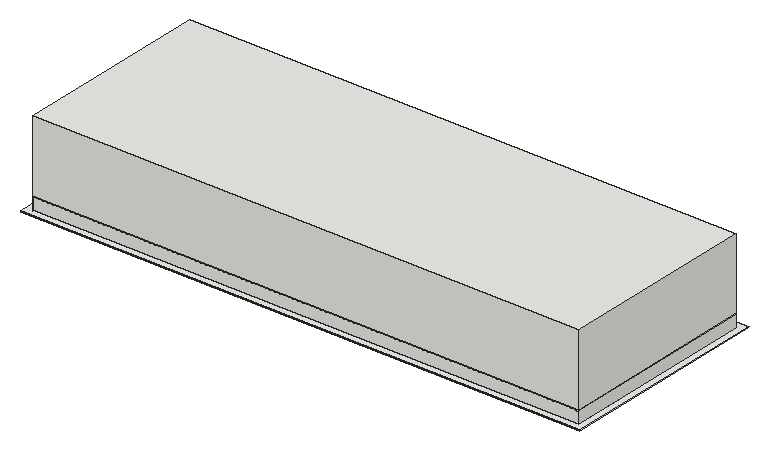
Revit family "AIRTECNICS_AIR CURTAIN_RECESSED WINDBOX_MG_AIR ONLY (A)", category Mechanical Equipment, Revit 2016 (continued)
Types (16, lengths in mm): name | Weight | Product Size | Product Reference | Product Description | Power Fans Factor | Power Fans | Noise Level (dB(A)) | M | Length | G | EC | Current Fans | L | CT | CM | Apparent Load | Airflow
  WINDBOX RM 2500 A | 137.00 kg | "2500" | "RM 2500 A" | "Self-supporting casing construction made of galvanized steel plate, ready to be installed recessed in a false ceiling. \r\nInlet grille (free of maintenance) made with aluminium profiles and blow-out nozzle, integrated in a single white frame colour RAL 9016. Other colours are available on request. \r\nAnodized aluminium outlet vanes, airfoil shaped, adjustable in both directions.\r\nDouble-inlet centrifugal fans driven by an external rotor motor and low noise level. 5-speed selector. \r\n“A” type without heating, air only. \r\nIncludes Plug&Play control with 7m RJ45 cable and infrared remote control. Optional: Clever control (programmable, automatic, intelligent, energy saving, Modbus RTU for BMS…)\r\nAir Volume: 4500 m3/h \r\nFans:  0,53 kW  2,35 A 230Vx1 50Hz\r\nDimensions: 770x310x2550 mm (depth, height, length)" | 0.98 | 0.53 kW | 58 | yes | 2550.0 | no | no | 2.35 A | 2500.0 | 16 | 2 | 540.82 VA | 4500 m³/h
  WINDBOX RM 2000 A | 109.00 kg | "2000" | "RM 2000 A" | "Self-supporting casing construction made of galvanized steel plate, ready to be installed recessed in a false ceiling. \r\nInlet grille (free of maintenance) made with aluminium profiles and blow-out nozzle, integrated in a single white frame colour RAL 9016. Other colours are available on request. \r\nAnodized aluminium outlet vanes, airfoil shaped, adjustable in both directions.\r\nDouble-inlet centrifugal fans driven by an external rotor motor and low noise level. 5-speed selector. \r\n“A” type without heating, air only. \r\nIncludes Plug&Play control with 7m RJ45 cable and infrared remote control. Optional: Clever control (programmable, automatic, intelligent, energy saving, Modbus RTU for BMS…)\r\nAir Volume: 3600 m3/h \r\nFans:  0,424 kW  1,88 A 230Vx1 50Hz\r\nDimensions: 770x310x2050 mm (depth, height, length)" | 0.98 | 0.424 kW | 57 | yes | 2050.0 | no | no | 1.88 A | 2000.0 | 8 | 2 | 432.65 VA | 3600 m³/h
  WINDBOX RM 1500 A | 85.00 kg | "1500" | "RM 1500 A" | "Self-supporting casing construction made of galvanized steel plate, ready to be installed recessed in a false ceiling. \r\nInlet grille (free of maintenance) made with aluminium profiles and blow-out nozzle, integrated in a single white frame colour RAL 9016. Other colours are available on request. \r\nAnodized aluminium outlet vanes, airfoil shaped, adjustable in both directions.\r\nDouble-inlet centrifugal fans driven by an external rotor motor and low noise level. 5-speed selector. \r\n“A” type without heating, air only. \r\nIncludes Plug&Play control with 7m RJ45 cable and infrared remote control. Optional: Clever control (programmable, automatic, intelligent, energy saving, Modbus RTU for BMS…)\r\nAir Volume: 2700 m3/h \r\nFans:  0,318 kW  1,41 A 230Vx1 50Hz\r\nDimensions: 770x310x1550 mm (depth, height, length)" | 0.98 | 0.318 kW | 56 | yes | 1550.0 | no | no | 1.41 A | 1500.0 | 4 | 2 | 324.49 VA | 2700 m³/h
  WINDBOX RM 1000 A | 57.00 kg | "1000" | "RM 1000 A" | "Self-supporting casing construction made of galvanized steel plate, ready to be installed recessed in a false ceiling. \r\nInlet grille (free of maintenance) made with aluminium profiles and blow-out nozzle, integrated in a single white frame colour RAL 9016. Other colours are available on request. \r\nAnodized aluminium outlet vanes, airfoil shaped, adjustable in both directions.\r\nDouble-inlet centrifugal fans driven by an external rotor motor and low noise level. 5-speed selector. \r\n“A” type without heating, air only. \r\nIncludes Plug&Play control with 7m RJ45 cable and infrared remote control. Optional: Clever control (programmable, automatic, intelligent, energy saving, Modbus RTU for BMS…)\r\nAir Volume: 1800 m3/h \r\nFans:  0,212 kW  0,94 A 230Vx1 50Hz\r\nDimensions: 770x310x1050 mm (depth, height, length)" | 0.98 | 0.212 kW | 55 | yes | 1050.0 | no | no | 0.94 A | 1000.0 | 2 | 2 | 216.33 VA | 1800 m³/h
  WINDBOX RG 2500 A | 145.00 kg | "2500" | "RG 2500 A" | "Self-supporting casing construction made of galvanized steel plate, ready to be installed recessed in a false ceiling. \r\nInlet grille (free of maintenance) made with aluminium profiles and blow-out nozzle, integrated in a single white frame colour RAL 9016. Other colours are available on request. \r\nAnodized aluminium outlet vanes, airfoil shaped, adjustable in both directions.\r\nDouble-inlet centrifugal fans driven by an external rotor motor and low noise level. 5-speed selector. \r\n“A” type without heating, air only. \r\nIncludes Plug&Play control with 7m RJ45 cable and infrared remote control. Optional: Clever control (programmable, automatic, intelligent, energy saving, Modbus RTU for BMS…)\r\nAir Volume: 5600 m3/h \r\nFans:  1,498 kW  6,65 A 230Vx1 50Hz\r\nDimensions: 770x310x2550 mm (depth, height, length)" | 0.98 | 1.498 kW | 60 | no | 2550.0 | yes | no | 6.65 A | 2500.0 | 16 | 8 | 1528.57 VA | 5600 m³/h
  WINDBOX RG 2000 A | 118.00 kg | "2000" | "RG 2000 A" | "Self-supporting casing construction made of galvanized steel plate, ready to be installed recessed in a false ceiling. \r\nInlet grille (free of maintenance) made with aluminium profiles and blow-out nozzle, integrated in a single white frame colour RAL 9016. Other colours are available on request. \r\nAnodized aluminium outlet vanes, airfoil shaped, adjustable in both directions.\r\nDouble-inlet centrifugal fans driven by an external rotor motor and low noise level. 5-speed selector. \r\n“A” type without heating, air only. \r\nIncludes Plug&Play control with 7m RJ45 cable and infrared remote control. Optional: Clever control (programmable, automatic, intelligent, energy saving, Modbus RTU for BMS…)\r\nAir Volume: 4800 m3/h \r\nFans:  1,284 kW  5,7 A 230Vx1 50Hz\r\nDimensions: 770x310x2050 mm (depth, height, length)" | 0.98 | 1.284 kW | 59 | no | 2050.0 | yes | no | 5.7 A | 2000.0 | 8 | 8 | 1310.2 VA | 4800 m³/h
  WINDBOX RG 1500 A | 90.00 kg | "1500" | "RG 1500 A" | "Self-supporting casing construction made of galvanized steel plate, ready to be installed recessed in a false ceiling. \r\nInlet grille (free of maintenance) made with aluminium profiles and blow-out nozzle, integrated in a single white frame colour RAL 9016. Other colours are available on request. \r\nAnodized aluminium outlet vanes, airfoil shaped, adjustable in both directions.\r\nDouble-inlet centrifugal fans driven by an external rotor motor and low noise level. 5-speed selector. \r\n“A” type without heating, air only. \r\nIncludes Plug&Play control with 7m RJ45 cable and infrared remote control. Optional: Clever control (programmable, automatic, intelligent, energy saving, Modbus RTU for BMS…)\r\nAir Volume: 3200 m3/h \r\nFans:  0,856 kW  3,8 A 230Vx1 50Hz\r\nDimensions: 770x310x1550 mm (depth, height, length)" | 0.98 | 0.856 kW | 58 | no | 1550.0 | yes | no | 3.8 A | 1500.0 | 4 | 8 | 873.47 VA | 3200 m³/h
  WINDBOX RG 1000 A | 61.00 kg | "1000" | "RG 1000 A" | "Self-supporting casing construction made of galvanized steel plate, ready to be installed recessed in a false ceiling. \r\nInlet grille (free of maintenance) made with aluminium profiles and blow-out nozzle, integrated in a single white frame colour RAL 9016. Other colours are available on request. \r\nAnodized aluminium outlet vanes, airfoil shaped, adjustable in both directions.\r\nDouble-inlet centrifugal fans driven by an external rotor motor and low noise level. 5-speed selector. \r\n“A” type without heating, air only. \r\nIncludes Plug&Play control with 7m RJ45 cable and infrared remote control. Optional: Clever control (programmable, automatic, intelligent, energy saving, Modbus RTU for BMS…)\r\nAir Volume: 2400 m3/h \r\nFans:  0,642 kW  2,85 A 230Vx1 50Hz\r\nDimensions: 770x310x1050 mm (depth, height, length)" | 0.98 | 0.642 kW | 57 | no | 1050.0 | yes | no | 2.85 A | 1000.0 | 2 | 8 | 655.1 VA | 2400 m³/h
  WINDBOX RECM 2500 A | 137.00 kg | "2500" | "RECM 2500 A" | "Self-supporting casing construction made of galvanized steel plate, ready to be installed recessed in a false ceiling. \r\nInlet grille (free of maintenance) made with aluminium profiles and blow-out nozzle, integrated in a single white frame colour RAL 9016. Other colours are available on request. \r\nAnodized aluminium outlet vanes, airfoil shaped, adjustable in both directions.\r\nDouble-inlet centrifugal fans driven by an external rotor motor and low noise level. 5-speed selector. EC models assembled with very low consumption efficiency fans. \r\n“A” type without heating, air only. \r\nIncludes Plug&Play control with 7m RJ45 cable and infrared remote control. Optional: Clever control (programmable, automatic, intelligent, energy saving, Modbus RTU for BMS…)\r\nAir Volume: 4600 m3/h \r\nFans:  0,355 kW  3,1 A 230Vx1 50/60Hz\r\nDimensions: 770x310x2550 mm (depth, height, length)" | 0.5 | 0.355 kW | 59 | yes | 2550.0 | no | yes | 3.1 A | 2500.0 | 16 | 6 | 710 VA | 4600 m³/h
  WINDBOX RECM 2000 A | 109.00 kg | "2000" | "RECM 2000 A" | "Self-supporting casing construction made of galvanized steel plate, ready to be installed recessed in a false ceiling. \r\nInlet grille (free of maintenance) made with aluminium profiles and blow-out nozzle, integrated in a single white frame colour RAL 9016. Other colours are available on request. \r\nAnodized aluminium outlet vanes, airfoil shaped, adjustable in both directions.\r\nDouble-inlet centrifugal fans driven by an external rotor motor and low noise level. 5-speed selector. EC models assembled with very low consumption efficiency fans. \r\n“A” type without heating, air only. \r\nIncludes Plug&Play control with 7m RJ45 cable and infrared remote control. Optional: Clever control (programmable, automatic, intelligent, energy saving, Modbus RTU for BMS…)\r\nAir Volume: 3680 m3/h \r\nFans:  0,284 kW  2,48 A 230Vx1 50/60Hz\r\nDimensions: 770x310x2050 mm (depth, height, length)" | 0.5 | 0.284 kW | 58 | yes | 2050.0 | no | yes | 2.48 A | 2000.0 | 8 | 6 | 568 VA | 3680 m³/h
  WINDBOX RECM 1500 A | 85.00 kg | "1500" | "RECM 1500 A" | "Self-supporting casing construction made of galvanized steel plate, ready to be installed recessed in a false ceiling. \r\nInlet grille (free of maintenance) made with aluminium profiles and blow-out nozzle, integrated in a single white frame colour RAL 9016. Other colours are available on request. \r\nAnodized aluminium outlet vanes, airfoil shaped, adjustable in both directions.\r\nDouble-inlet centrifugal fans driven by an external rotor motor and low noise level. 5-speed selector. EC models assembled with very low consumption efficiency fans. \r\n“A” type without heating, air only. \r\nIncludes Plug&Play control with 7m RJ45 cable and infrared remote control. Optional: Clever control (programmable, automatic, intelligent, energy saving, Modbus RTU for BMS…)\r\nAir Volume: 2760 m3/h \r\nFans:  0,213 kW  1,86 A 230Vx1 50/60Hz\r\nDimensions: 770x310x1550 mm (depth, height, length)" | 0.5 | 0.213 kW | 57 | yes | 1550.0 | no | yes | 1.86 A | 1500.0 | 4 | 6 | 426 VA | 2760 m³/h
  WINDBOX RECM 1000 A | 57.00 kg | "1000" | "RECM 1000 A" | "Self-supporting casing construction made of galvanized steel plate, ready to be installed recessed in a false ceiling. \r\nInlet grille (free of maintenance) made with aluminium profiles and blow-out nozzle, integrated in a single white frame colour RAL 9016. Other colours are available on request. \r\nAnodized aluminium outlet vanes, airfoil shaped, adjustable in both directions.\r\nDouble-inlet centrifugal fans driven by an external rotor motor and low noise level. 5-speed selector. EC models assembled with very low consumption efficiency fans. \r\n“A” type without heating, air only. \r\nIncludes Plug&Play control with 7m RJ45 cable and infrared remote control. Optional: Clever control (programmable, automatic, intelligent, energy saving, Modbus RTU for BMS…)\r\nAir Volume: 1840 m3/h \r\nFans:  0,142 kW  1,24 A 230Vx1 50/60Hz\r\nDimensions: 770x310x1050 mm (depth, height, length)" | 0.5 | 0.142 kW | 56 | yes | 1050.0 | no | yes | 1.24 A | 1000.0 | 2 | 6 | 144.9 VA | 1840 m³/h
  WINDBOX RECG 2500 A | 145.00 kg | "2500" | "RECG 2500 A" | "Self-supporting casing construction made of galvanized steel plate, ready to be installed recessed in a false ceiling. \r\nInlet grille (free of maintenance) made with aluminium profiles and blow-out nozzle, integrated in a single white frame colour RAL 9016. Other colours are available on request. \r\nAnodized aluminium outlet vanes, airfoil shaped, adjustable in both directions.\r\nDouble-inlet centrifugal fans driven by an external rotor motor and low noise level. 5-speed selector. EC models assembled with very low consumption efficiency fans. \r\n“A” type without heating, air only. \r\nIncludes Plug&Play control with 7m RJ45 cable and infrared remote control. Optional: Clever control (programmable, automatic, intelligent, energy saving, Modbus RTU for BMS…)\r\nAir Volume: 6300 m3/h \r\nFans:  0,497 kW  4,34 A 230Vx1 50/60Hz\r\nDimensions: 770x310x2550 mm (depth, height, length)" | 0.5 | 0.497 kW | 64 | no | 2550.0 | yes | yes | 4.34 A | 2500.0 | 16 | 12 | 994 VA | 6300 m³/h
  WINDBOX RECG 2000 A | 118.00 kg | "2000" | "RECG 2000 A" | "Self-supporting casing construction made of galvanized steel plate, ready to be installed recessed in a false ceiling. \r\nInlet grille (free of maintenance) made with aluminium profiles and blow-out nozzle, integrated in a single white frame colour RAL 9016. Other colours are available on request. \r\nAnodized aluminium outlet vanes, airfoil shaped, adjustable in both directions.\r\nDouble-inlet centrifugal fans driven by an external rotor motor and low noise level. 5-speed selector. EC models assembled with very low consumption efficiency fans. \r\n“A” type without heating, air only. \r\nIncludes Plug&Play control with 7m RJ45 cable and infrared remote control. Optional: Clever control (programmable, automatic, intelligent, energy saving, Modbus RTU for BMS…)\r\nAir Volume: 5400 m3/h \r\nFans:  0,426 kW  3,72 A 230Vx1 50/60Hz\r\nDimensions: 770x310x2050 mm (depth, height, length)" | 0.5 | 0.426 kW | 63 | no | 2050.0 | yes | yes | 3.72 A | 2000.0 | 8 | 12 | 852 VA | 5400 m³/h
  WINDBOX RECG 1500 A | 90.00 kg | "1500" | "RECG 1500 A" | "Self-supporting casing construction made of galvanized steel plate, ready to be installed recessed in a false ceiling. \r\nInlet grille (free of maintenance) made with aluminium profiles and blow-out nozzle, integrated in a single white frame colour RAL 9016. Other colours are available on request. \r\nAnodized aluminium outlet vanes, airfoil shaped, adjustable in both directions.\r\nDouble-inlet centrifugal fans driven by an external rotor motor and low noise level. 5-speed selector. EC models assembled with very low consumption efficiency fans. \r\n“A” type without heating, air only. \r\nIncludes Plug&Play control with 7m RJ45 cable and infrared remote control. Optional: Clever control (programmable, automatic, intelligent, energy saving, Modbus RTU for BMS…)\r\nAir Volume: 3600 m3/h \r\nFans:  0,284 kW  2,48 A 230Vx1 50/60Hz\r\nDimensions: 770x310x1550 mm (depth, height, length)" | 0.5 | 0.284 kW | 62 | no | 1550.0 | yes | yes | 2.48 A | 1500.0 | 4 | 12 | 568 VA | 3600 m³/h
  WINDBOX RECG 1000 A | 61.00 kg | "1000" | "RECG 1000 A" | "Self-supporting casing construction made of galvanized steel plate, ready to be installed recessed in a false ceiling. \r\nInlet grille (free of maintenance) made with aluminium profiles and blow-out nozzle, integrated in a single white frame colour RAL 9016. Other colours are available on request. \r\nAnodized aluminium outlet vanes, airfoil shaped, adjustable in both directions.\r\nDouble-inlet centrifugal fans driven by an external rotor motor and low noise level. 5-speed selector. EC models assembled with very low consumption efficiency fans. \r\n“A” type without heating, air only. \r\nIncludes Plug&Play control with 7m RJ45 cable and infrared remote control. Optional: Clever control (programmable, automatic, intelligent, energy saving, Modbus RTU for BMS…)\r\nAir Volume: 2700 m3/h \r\nFans:  0,213 kW  1,86 A 230Vx1 50/60Hz\r\nDimensions: 770x310x1050 mm (depth, height, length)" | 0.5 | 0.213 kW | 61 | no | 1050.0 | yes | yes | 1.86 A | 1000.0 | 2 | 12 | 217.35 VA | 2700 m³/h
